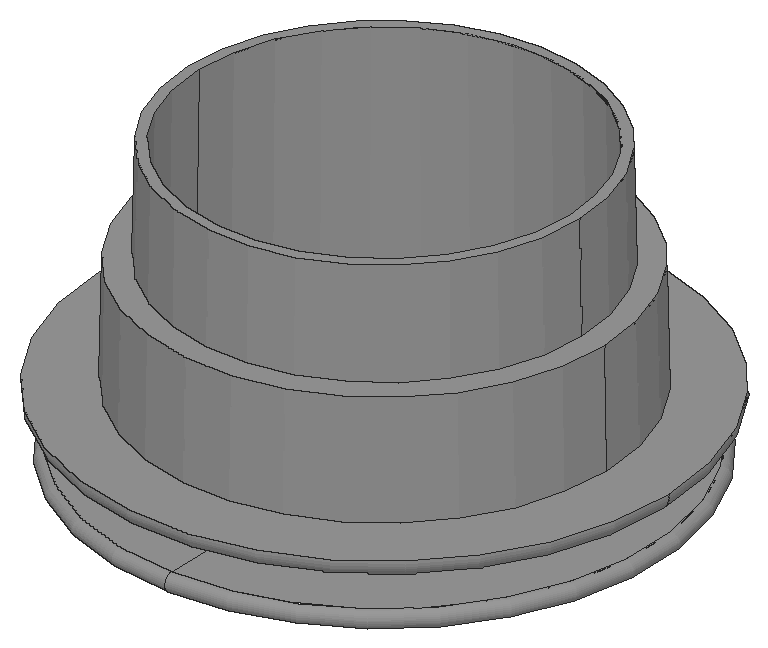
Revit family "Supply Valve", category Air Terminals, Revit 2018
Family settings
  Round Connector Dimension = Use Radius
  Part Type = Normal
  OmniClass Number = 23.75.00.00
  OmniClass Title = Climate Control (HVAC)
  Work Plane-Based = Yes
  Always vertical = No
  Cut with Voids When Loaded = No
  Shared = No
  Room Calculation Point = No
Parameters (values of type "Q-AIRE-V125")
  carbon = no
  Wall Mounted [instance] = no
  steel = no
  spigot_radius = Spigot Diameter / 2  # 62.5 mm
  q-filter = yes
  plastic = no
  half_bezel_width = bezel_width / 2  # 17 mm
  convex_disc = no
  connector_height = if(Q, 35.2 mm, 0 mm)  # 35.2 mm
  bezel_width = if(steel, 30 mm, 34 mm)  # 34 mm
  bezel_depth = if(steel, 9 mm, 20 mm)  # 20 mm
  bezel_OR = bezel_OD / 2  # 82.5 mm
  bezel_OD = if(Spigot Diameter = 100 mm, 150 mm, if(Spigot Diameter = 125 mm, 165 mm, 180 mm))  # 165 mm
  angle [instance] = if(Wall Mounted, 0.00°, 270.00°)  # 270.00°
  Weight = 0.80 kg
  Unit Description = "Ø125mm Q-Aire supply valve"
  Terminal Flow [instance] = 10.0 L/s
  Supplier Part No = Nuaire Model No  # "Q-AIRE-V125"
  Spigot Diameter = 125 mm
  SS = no
  Room Volume [instance] = 0.00 m³
  Room Name [instance] = "Room"
  Revit Family Last Revised = "14/09/17"
  Quote Reference [instance] = ""
  Q = yes
  Project Reference [instance] = ""
  Pressure Drop = 0.0 Pa
  Order Reference [instance] = ""
  Nuaire Model No = "Q-AIRE-V125"
  Model = Nuaire Model No  # "Q-AIRE-V125"
  Manufacturer = "Nuaire"
  Location Reference [instance] = ""
  Location [instance] = ""
  FD = no
  Description = Unit Description  # "Ø125mm Q-Aire supply valve"
  Default Elevation = 1219.2 mm
  Assembly Code = ""
Types (4, lengths in mm): name | steel | spigot_radius | plastic | half_bezel_width | convex_disc | connector_height | bezel_width | bezel_depth | bezel_OR | bezel_OD | Weight | Unit Description | Supplier Part No | Spigot Diameter | Revit Family Last Revised | Q | Nuaire Model No | Model | Description
  Q-AIRE-V125 | no | 62.5 | no | 17 | no | 35.2 | 34 | 20 | 82.5 | 165 | 0.80 kg | "Ø125mm Q-Aire supply valve" | "Q-AIRE-V125" | 125 | "14/09/17" | yes | "Q-AIRE-V125" | "Q-AIRE-V125" | "Ø125mm Q-Aire supply valve"
  VS150 | yes | 75 | no | 15 | yes | 0 | 30 | 9 | 90 | 180 | 0.50 kg | "Ø150mm White, steel supply air valve" | "VS150" | 150 | "09/04/18" | no | "VS150" | "VS150" | "Ø150mm White, steel supply air valve"
  VS125-V | yes | 62.5 | no | 15 | yes | 0 | 30 | 9 | 82.5 | 165 | 0.30 kg | "Ø125mm White, steel supply air valve" | "VS125-V" | 125 | "14/09/17" | no | "VS125-V" | "VS125-V" | "Ø125mm White, steel supply air valve"
  V125 | no | 62.5 | yes | 17 | no | 0 | 34 | 20 | 82.5 | 165 | 0.20 kg | "Ø125mm Plastic supply air valve" | "V125" | 125 | "14/09/17" | no | "V125" | "V125" | "Ø125mm Plastic supply air valve"
Reference planes
  plane 1 "Centre (Front/Back)": y = 0
  plane 2: z = 0
  plane 3 "Centre (Left/Right)": x = 0
Forms (mm)
  Sweep 1, solid, not visible
    path in 3D
      loop
        line (0, 0, -55) -> (0, 0, 0)
    profile origin (0, 0, -27.5) x (0, -1, 0) y (1, 0, 0)
      loop
        circle (0, 0) r 20
Lines and regions (mm)
  model lines, not visible
    curve 1: line (0, 0, -55) -> (0, 0, 0)
  sketch lines
    curve 2: line (0, 0, -55) -> (0, 0, 0)
Dimensions and locks
  "angle": angle curve 1 to level
  aligned and locked: plane 3 "Centre (Left/Right)" to nested 1
Automatic sketch dimensions
  Sweep 1 sketch curve to profile plane = 0 mm  (x2)
  curve 1 to level = 0 mm
  curve 1 to plane 1 "Centre (Front/Back)" = 0 mm
  radius of Sweep 1 sketch curve = 20 mm
Nested families
  nested 1: "supply_valve_base" at (0, 0, 0), type "Air Valve"
    with Terminal Flow 10.0 L/s, Room Volume 0.00 m³, Room Name "Room", Quote Reference "", Project Reference "", Order Reference "", Location Reference "", Location "", steel no, plastic no, half_bezel_width 17 mm, convex_disc no, carbon no, bezel_width 34 mm, bezel_depth 20 mm, SS no, Q yes
  nested 2: "connector_dummy" at (0, 0, 0), type "connector_dummy", not visible
    with height 35.2 mm
Connectors
  hvac at (0, 0, 35.2), driven by "spigot_radius", driven by "Terminal Flow"
    settings: on nested 2, index 1, duct flow 10.0 L/s, flow factor 0, pres drop 0.0 Pa, loss coef 0, conn angle 0.00°, conn width 304.8 mm, conn height 304.8 mm, conn diameter 125 mm, duct sys type 1, conn prof type 0, flow config 1, flow direction 1, loss method 4, conn ref index -1, conn util no, is conn primary yes, conn desc "Valve Connection"
Definition of nested family "supply_valve_base"
  Parameters (values of type "Air Valve")
    steel = yes
    spigot_radius = Spigot Diameter / 2  # 62.5 mm
    plastic = yes
    half_bezel_width = bezel_width / 2  # 15 mm
    convex_disc = yes
    carbon = yes
    bezel_width = if(steel, 30 mm, 34 mm)  # 30 mm
    bezel_depth = if(steel, 9 mm, 20 mm)  # 9 mm
    bezel_OR = bezel_OD / 2  # 82.5 mm
    bezel_OD = if(Spigot Diameter = 100 mm, 150 mm, if(Spigot Diameter = 125 mm, 165 mm, 180 mm))  # 165 mm
    Weight = 0.00 kg
    Unit Description = "DO NOT USE - Family Inserted Incorrectly"
    Terminal Flow [instance] = 10.0 L/s
    Supplier Part No = Nuaire Model No  # "DO NOT USE - Family Inserted Incorrectly"
    Spigot Diameter = 125 mm
    SS = yes
    Room Volume [instance] = 0.00 m³
    Room Name [instance] = "Room"
    Revit Family Last Revised = "13/09/17"
    Quote Reference [instance] = ""
    Q = no
    Project Reference [instance] = ""
    Pressure Drop = 0.0 Pa
    Order Reference [instance] = ""
    Nuaire Model No = "DO NOT USE - Family Inserted Incorrectly"
    Model = Nuaire Model No  # "DO NOT USE - Family Inserted Incorrectly"
    Manufacturer = "Nuaire"
    Location Reference [instance] = ""
    Location [instance] = ""
    FD = no
    Description = Unit Description  # "DO NOT USE - Family Inserted Incorrectly"
    Default Elevation = 1219.2 mm
    Assembly Code = ""
  Reference planes
    plane 1 "Centre (Front/Back)": y = 0
    plane 2: z = 0
    plane 3 "Centre (Left/Right)": x = 0
    plane 4: y = -62.5
    plane 5: y = 62.5
    plane 6: z = -9
    plane 7: y = -82.5
    plane 8: y = 82.5
    plane 9: y = 67.5
    plane 10: y = 52.5
    plane 11: z = 20
    plane 12: z = 39.583
    plane 13: y = 60.5
    plane 14: y = -52.5
    plane 15: y = 55
    plane 16: y = 48
    plane 17: y = 80
    plane 18 "Connector Height": z = 0
    plane 19: y = 59
    plane 20: z = 5.034
    plane 21: y = -48.5
    plane 22: y = 48.5
  Forms (mm)
    Sweep 1, solid, visible <- "plastic"
      path origin (0, 0, 0) x (1, 0, 0) y (0, 1, 0)
        loop
          circle (0, 0) r 82.5
      profile origin (0, 82.5, 0) x (0, -1, 0) y (0, 0, 1)
        loop
          line (0, 0) -> (12.085, -17.259)
          arc (12.085, -17.259) -> (17, -19.818) -> (21.915, -17.259) r 6
          line (21.915, -17.259) -> (34, 0) -> (0, 0)
    Sweep 2, solid, visible <- "steel"
      path origin (0, 0, 0) x (1, 0, 0) y (0, 1, 0)
        loop
          circle (0, 0) r 82.5
      profile origin (0, 82.5, 0) x (0, -1, 0) y (0, 0, 1)
        loop
          arc (0, 0) -> (15, -9) -> (30, 0) r 17
          line (30, 0) -> (0, 0)
    Revolve 3, solid, visible <- "steel"
      sketch origin (0, 0, 0) x (0, 1, 0) y (0, 0, 1)
        loop
          line (62.5, 0) -> (62.5, 39.583) -> (60.5, 39.583) -> (60.5, 20) -> (52.5, 20) -> (52.5, 0) -> (62.5, 0)
        axis (0, 39.583) -> (0, 0)
      angle from 0 to 360
    Revolve 4, solid, visible <- "convex_disc"
      sketch origin (0, 0, 0) x (0, 1, 0) y (0, 0, 1)
        loop
          line (9, 4) -> (0, 4) -> (0, 3) -> (9, 3) -> (55, -9) -> (55, -8) -> (9, 4)
        axis (0, 4) -> (0, -9)
      angle from 0 to 360
    Revolve 5, solid, visible <- "plastic"
      sketch origin (0, 0, 0) x (0, 1, 0) y (0, 0, 1)
        loop
          arc (0, -3.483) -> (-26.421, -4.987) -> (-52.5, -9.483) r 232.687
          line (-52.5, -9.483) -> (-52.5, -17.483)
          arc (-52.5, -17.483) -> (-26.326, -20.481) -> (0, -21.483) r 346.531
          line (0, -21.483) -> (0, -3.483)
        axis (0, -3.483) -> (0, -21.483)
      angle from 0 to 360
    Revolve 6, solid, visible <- "plastic"
      sketch origin (0, 0, 0) x (0, 1, 0) y (0, 0, 1)
        loop
          line (62.5, 0) -> (62.5, 39.583) -> (60.5, 39.583) -> (60.5, 20) -> (52.5, 20) -> (52.5, 0) -> (62.5, 0)
        axis (0, 39.583) -> (0, 0)
      angle from 0 to 360
    Sweep 7, solid, visible <- "Q"
      path origin (0, 0, 0) x (1, 0, 0) y (0, 1, 0)
        loop
          circle (0, 0) r 60
      profile origin (0, 60, 0) x (0, -1, 0) y (0, 0, 1)
        loop
          line (-10.446, 0) -> (-29.879, 0)
          arc (-29.879, 0) -> (-28.815, -3.849) -> (-25.192, -5.527) r 4.751
          line (-25.192, -5.527) -> (0.107, -5.527) -> (1.392, 68.098) -> (-1.758, 68.098) -> (-2.332, 35.177) -> (-9.832, 35.177) -> (-10.446, 0)
    Sweep 8, solid, visible <- "SS"
      path origin (0, 0, 0) x (1, 0, 0) y (0, 1, 0)
        loop
          circle (0, 0) r 82.5
      profile origin (0, 82.5, 0) x (0, -1, 0) y (0, 0, 1)
        loop
          arc (0, 0) -> (15, -9) -> (30, 0) r 17
          line (30, 0) -> (0, 0)
    Revolve 9, solid, visible <- "carbon"
      sketch origin (0, 0, 0) x (0, 1, 0) y (0, 0, 1)
        loop
          line (0, 35.177) -> (0, 173) -> (-51.159, 173) -> (-52.566, 171.593) -> (-59, 35.177) -> (0, 35.177)
        axis (0, 173) -> (0, 35.177)
      angle from 0 to 360
    Revolve 10, solid, visible <- "carbon"
      sketch origin (0, 0, 0) x (0, 1, 0) y (0, 0, 1)
        loop
          line (0, 35.177) -> (0, 78) -> (-17.321, 78) -> (-29.743, 156.432) -> (-31.366, 158.055) -> (-40.45, 158.055) -> (-41.697, 156.807) -> (-47.163, 35.177) -> (0, 35.177)
        axis (0, 158.055) -> (0, 35.177)
      angle from 0 to 360
  Dimensions and locks
    equal spacing: plane 5, plane 1 "Centre (Front/Back)", plane 4
    "Spigot Diameter": plane 5 to plane 4
    equal spacing: plane 10, plane 9, plane 8
    "bezel_width": plane 8 to plane 10
    "bezel_depth": level to plane 6
    "bezel_OD": plane 8 to plane 7
    equal spacing: plane 8, plane 1 "Centre (Front/Back)", plane 7
    locked: plane 11 to level at 20
    locked: plane 5 to plane 13 at 2
    "bezel_width": plane 14 to plane 7
    locked: plane 15 to plane 10 at 2.5
    plane 18 "Connector Height" to level = 0 mm
    locked: Revolve 5 sketch curve to Revolve 5 sketch curve at 18
    "bezel_OR": radius of Sweep 1 sketch curve
    "bezel_OR": radius of Sweep 2 sketch curve
    "bezel_OR": radius of Sweep 8 sketch curve
    aligned and locked: Sweep 1 sketch curve to level
    aligned and locked: level to Revolve 3 sketch curve
    aligned and locked: Revolve 3 sketch curve to plane 5
    aligned and locked: plane 12 to Revolve 3 sketch curve
    aligned and locked: Revolve 3 sketch curve to plane 13
    aligned and locked: plane 11 to Revolve 3 sketch curve
    aligned and locked: Revolve 3 sketch curve to plane 10
    aligned and locked: Revolve 4 sketch curve to plane 15
  Automatic sketch dimensions
    Sweep 1 sketch curve to profile plane = 0 mm
    Sweep 1 sketch curve to profile plane = 12.085 mm
    Sweep 1 sketch curve to Sweep 1 sketch curve = 4.915 mm  (x2)
    Sweep 1 sketch curve to Sweep 1 sketch curve = 12.085 mm
    Sweep 1 sketch curve to level = 13.818 mm
    Sweep 1 sketch curve to Sweep 1 sketch curve = 3.441 mm
    Sweep 2 sketch curve to level = 0 mm
    Sweep 2 sketch curve to profile plane = 0 mm
    level to Sweep 2 sketch curve = 8 mm
    Sweep 2 sketch curve to profile plane = 15 mm
    Revolve 3 sketch curve to plane 1 "Centre (Front/Back)" = 0 mm
    Revolve 3 sketch curve to plane 20 = 4.966 mm
    plane 12 to Revolve 3 sketch curve = 9.583 mm
    Revolve 4 sketch curve to plane 1 "Centre (Front/Back)" = 0 mm  (x2)
    Revolve 4 sketch curve to plane 6 = 0 mm
    plane 20 to Revolve 4 sketch curve = 1.034 mm
    Revolve 4 sketch curve to plane 1 "Centre (Front/Back)" = 9 mm
    plane 20 to Revolve 4 sketch curve = 2.034 mm
    Revolve 4 sketch curve to Revolve 4 sketch curve = 0 mm
    Revolve 4 sketch curve to Revolve 4 sketch curve = 1 mm
    Revolve 4 sketch curve to plane 6 = 4.195 mm
    Revolve 4 sketch curve to plane 20 = 1.77 mm
    Revolve 5 sketch curve to plane 14 = 0 mm
    Revolve 5 sketch curve to plane 1 "Centre (Front/Back)" = 0 mm  (x2)
    Revolve 5 sketch curve to plane 6 = 227.17 mm
    Revolve 5 sketch curve to plane 6 = 12.483 mm
    Revolve 5 sketch curve to Revolve 5 sketch curve = 8 mm
    Revolve 5 sketch curve to Revolve 5 sketch curve = 6.022 mm
    Revolve 5 sketch curve to level = 0.585 mm
    Revolve 6 sketch curve to plane 1 "Centre (Front/Back)" = 0 mm
    Revolve 6 sketch curve to level = 0 mm
    Revolve 6 sketch curve to plane 10 = 0 mm
    plane 12 to Revolve 6 sketch curve = 0 mm
    Revolve 6 sketch curve to plane 13 = 0 mm
    Revolve 6 sketch curve to plane 5 = 0 mm
    Revolve 6 sketch curve to plane 11 = 0 mm
    Revolve 6 sketch curve to plane 20 = 4.966 mm
    plane 12 to Revolve 6 sketch curve = 9.583 mm
    plane 1 "Centre (Front/Back)" to Sweep 7 sketch curve = 0 mm
    Sweep 7 sketch curve to plane 3 "Centre (Left/Right)" = 0 mm
    Sweep 7 sketch curve to level = 0 mm
    profile plane to Sweep 7 sketch curve = 29.879 mm
    Sweep 7 sketch curve to level = 0.775 mm
    Sweep 7 sketch curve to Sweep 7 sketch curve = 4.688 mm
    profile plane to Sweep 7 sketch curve = 10.446 mm
    profile plane to Sweep 7 sketch curve = 9.832 mm
    profile plane to Sweep 7 sketch curve = 2.332 mm
    profile plane to Sweep 7 sketch curve = 1.758 mm
    Sweep 7 sketch curve to profile plane = 0.107 mm
    Sweep 7 sketch curve to profile plane = 1.392 mm
    level to Sweep 7 sketch curve = 35.177 mm
    Sweep 7 sketch curve to Sweep 7 sketch curve = 32.921 mm
    Sweep 8 sketch curve to level = 0 mm
    Sweep 8 sketch curve to profile plane = 0 mm
    level to Sweep 8 sketch curve = 8 mm
    Sweep 8 sketch curve to profile plane = 15 mm
    plane 14 to Revolve 9 sketch curve = 1.341 mm
    Revolve 9 sketch curve to plane 1 "Centre (Front/Back)" = 0 mm  (x2)
    Revolve 9 sketch curve to plane 4 = 3.5 mm
    plane 12 to Revolve 9 sketch curve = 4.406 mm
    Revolve 9 sketch curve to plane 12 = 133.417 mm
    Revolve 9 sketch curve to plane 12 = 38.417 mm
    Revolve 9 sketch curve to Revolve 9 sketch curve = 35 mm
    Revolve 9 sketch curve to Revolve 9 sketch curve = 1.407 mm
    Revolve 9 sketch curve to plane 14 = 0.066 mm
    Revolve 10 sketch curve to plane 1 "Centre (Front/Back)" = 0 mm  (x2)
    plane 1 "Centre (Front/Back)" to Revolve 10 sketch curve = 17.321 mm
    Revolve 10 sketch curve to plane 21 = 17.134 mm
    Revolve 10 sketch curve to plane 21 = 6.803 mm
    Revolve 10 sketch curve to plane 21 = 1.337 mm
    plane 12 to Revolve 10 sketch curve = 4.406 mm
    Revolve 10 sketch curve to plane 12 = 38.417 mm
    Revolve 10 sketch curve to Revolve 10 sketch curve = 0.375 mm
    Revolve 10 sketch curve to Revolve 10 sketch curve = 1.623 mm
    Revolve 10 sketch curve to Revolve 10 sketch curve = 0 mm
    Revolve 10 sketch curve to Revolve 10 sketch curve = 20.055 mm
    Revolve 10 sketch curve to Revolve 10 sketch curve = 1.248 mm  (x2)
    Revolve 10 sketch curve to Revolve 10 sketch curve = 78.432 mm
    plane 1 "Centre (Front/Back)" to Sweep 1 sketch curve = 0 mm
    Sweep 1 sketch curve to plane 3 "Centre (Left/Right)" = 0 mm
    plane 1 "Centre (Front/Back)" to Sweep 2 sketch curve = 0 mm
    Sweep 2 sketch curve to plane 3 "Centre (Left/Right)" = 0 mm
    plane 1 "Centre (Front/Back)" to Sweep 8 sketch curve = 0 mm
    Sweep 8 sketch curve to plane 3 "Centre (Left/Right)" = 0 mm
    radius of Sweep 7 sketch curve = 60 mm
  Nested families
    nested 1: "Arrows Sup" at (0, 0, 0), type "Arrows Ext"
    nested 2: "valve_caps" at (0, 0, 0), type "Air Valve"
      with Location Reference "", steel yes
  Definition of nested family "valve_caps"
    Parameters
      steel = no
      q-filter = yes
      plastic = yes
      convex_disc = yes
      SS = yes
      Q = no
      Model = ""
      Manufacturer = "Nuaire"
      Location Reference [instance] = ""
      FD = no
      Description = ""
      Assembly Code = ""
    Reference planes
      plane 1 "Centre (Front/Back)": y = 0
      plane 2: z = 0
      plane 3 "Centre (Left/Right)": x = 0
      plane 4 "Connector Height": z = 0
      plane 5: z = 0
    Forms (mm)
      Revolve 1, solid, visible <- "FD"
        sketch origin (0, 0, -1.817) x (0, 1, 0) y (0, 0, 1)
          loop
            arc (0, -15.809) -> (30.286, -15.066) -> (60.5, -12.838) r 617.495
            line (60.5, -12.838) -> (52.813, -2.809) -> (0, -2.809) -> (0, -15.809)
          axis (0, -2.809) -> (0, -15.809)
        angle from 0 to 360
      Revolve 2, solid, visible <- "Q"
        sketch origin (0, 0, -8.881) x (0, 1, 0) y (0, 0, 1)
          loop
            arc (84.973, -12.814) -> (86.666, -9.901) -> (84.087, -7.733) r 2.618
            line (84.087, -7.733) -> (0, -7.733) -> (0, -19.329)
            arc (0, -19.329) -> (42.603, -17.588) -> (84.973, -12.814) r 597.678
          axis (0, -19.329) -> (0, -7.733)
        angle from 0 to 360
      Revolve 3, solid, not visible
        sketch origin (0, 0, 0) x (0, 1, 0) y (0, 0, 1)
          loop
            line (45.995, -8.53) -> (4.5, 61.679) -> (0, 64.973) -> (0, -17) -> (59.764, -14.794)
            arc (59.764, -14.794) -> (60.917, -13.784) -> (60.188, -12.435) r 1.229
            line (60.188, -12.435) -> (45.995, -8.53)
          axis (0, 64.973) -> (0, -17)
        angle from 0 to 360
      Revolve 4, solid, visible <- "SS"
        sketch origin (0, 0, -3.518) x (0, 1, 0) y (0, 0, 1)
          loop
            line (-45.732, -8.927) -> (-58.517, -8.927) -> (0, -18.195) -> (0, -16.17) -> (-45.732, -8.927)
          axis (0, -8.927) -> (0, -18.195)
        angle from 0 to 360
  Definition of nested family "Arrows Sup"
    Parameters
      Assembly Code = ""
    Reference planes
      plane 1 "Centre (Front/Back)": y = 0
      plane 2: z = 0
      plane 3 "Centre (Left/Right)": x = 0
    Lines and regions (mm)
      model lines
        curve 1: line (-260.153, 0, 0) -> (-208.75, 15.221, 0)
        curve 2: line (-208.75, 15.221, 0) -> (-208.75, 5.816, 0)
        curve 3: line (-208.75, 5.816, 0) -> (-110, 5.816, 0)
        curve 4: line (-110, 5.816, 0) -> (-110, 0, 0)
        curve 5: line (-260.153, 0, 0) -> (-208.75, -15.234, 0)
        curve 6: line (-208.75, -15.234, 0) -> (-208.75, -5.816, 0)
        curve 7: line (-208.75, -5.816, 0) -> (-110, -5.816, 0)
        curve 8: line (-110, -5.816, 0) -> (-110, 0, 0)
        curve 9: line (0, 260.153, 0) -> (15.221, 208.75, 0)
        curve 10: line (15.221, 208.75, 0) -> (5.816, 208.75, 0)
        curve 11: line (5.816, 208.75, 0) -> (5.816, 110, 0)
        curve 12: line (5.816, 110, 0) -> (0, 110, 0)
        curve 13: line (0, 260.153, 0) -> (-15.234, 208.75, 0)
        curve 14: line (-15.234, 208.75, 0) -> (-5.816, 208.75, 0)
        curve 15: line (-5.816, 208.75, 0) -> (-5.816, 110, 0)
        curve 16: line (-5.816, 110, 0) -> (0, 110, 0)
        curve 17: line (0, -260.153, 0) -> (-15.221, -208.75, 0)
        curve 18: line (-15.221, -208.75, 0) -> (-5.816, -208.75, 0)
        curve 19: line (-5.816, -208.75, 0) -> (-5.816, -110, 0)
        curve 20: line (-5.816, -110, 0) -> (0, -110, 0)
        curve 21: line (0, -260.153, 0) -> (15.234, -208.75, 0)
        curve 22: line (15.234, -208.75, 0) -> (5.816, -208.75, 0)
        curve 23: line (5.816, -208.75, 0) -> (5.816, -110, 0)
        curve 24: line (5.816, -110, 0) -> (0, -110, 0)
        curve 25: line (260.153, 0, 0) -> (208.75, -15.221, 0)
        curve 26: line (208.75, -15.221, 0) -> (208.75, -5.816, 0)
        curve 27: line (208.75, -5.816, 0) -> (110, -5.816, 0)
        curve 28: line (110, -5.816, 0) -> (110, 0, 0)
        curve 29: line (260.153, 0, 0) -> (208.75, 15.234, 0)
        curve 30: line (208.75, 15.234, 0) -> (208.75, 5.816, 0)
        curve 31: line (208.75, 5.816, 0) -> (110, 5.816, 0)
        curve 32: line (110, 5.816, 0) -> (110, 0, 0)
Definition of nested family "connector_dummy"
  Parameters
    height = 206.979 mm
    Default Elevation = 1219.2 mm
  Reference planes
    plane 1 "Center (Front/Back)": y = 0
    plane 2: z = 0
    plane 3 "Center (Left/Right)": x = 0
    plane 4: z = -48.021
    plane 5: z = 206.979
  Forms (mm)
    Extrusion 1, solid
      sketch origin (0, 0, 0) x (1, 0, 0) y (0, 1, 0)
        loop
          line (-1219.2, 1219.2) -> (-1219.2, -1219.2) -> (1219.2, -1219.2) -> (1219.2, 1219.2) -> (-1219.2, 1219.2)
      from 0 to -304.8
    Extrusion 2, solid
      sketch origin (0, 0, 0) x (1, 0, 0) y (0, 1, 0)
        loop
          line (-30, 30) -> (-30, -30) -> (30, -30) -> (30, 30) -> (-30, 30)
      from -48.021 to 206.979
  Dimensions and locks
    locked: Extrusion 1 to plane 4 at 48.021
    "height": plane 5 to plane 2
    aligned and locked: plane 2 to Extrusion 1
    aligned and locked: level to Extrusion 1
    aligned and locked: Extrusion 2 to plane 4
    aligned and locked: plane 5 to Extrusion 2
  Automatic sketch dimensions
    Extrusion 1 sketch curve to Extrusion 1 sketch curve = 2438.4 mm  (x2)
    Extrusion 2 sketch curve to plane 3 "Center (Left/Right)" = 30 mm
    plane 1 "Center (Front/Back)" to Extrusion 2 sketch curve = 30 mm
    plane 3 "Center (Left/Right)" to Extrusion 2 sketch curve = 30 mm
    Extrusion 2 sketch curve to plane 1 "Center (Front/Back)" = 30 mm
